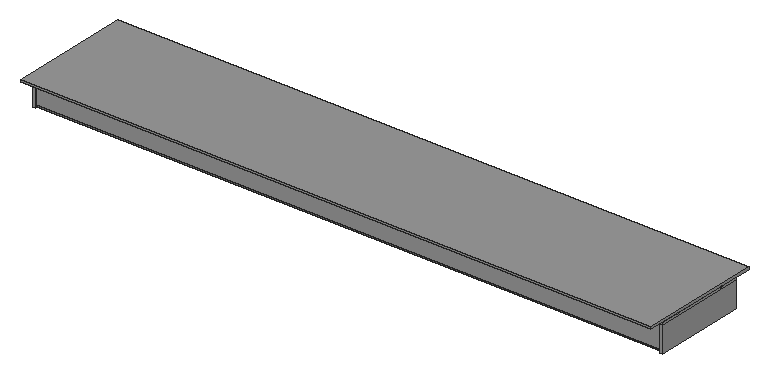
Revit family "Berica 2.2 M", category Lighting Fixtures, Revit 2020 (continued)
Definition of nested family "Light Source Berica 2.2"
  Types (4, lengths in mm): name | Photometric Web File | built-in parameter 1150142
      1.83 102.13 94.12 85.10 76.63 68.34 62.72 60.97 62.72 \r\n68.34 76.63 85.10 94.12 102.13 111.83 120.51 129.29 \r\n138.44 148.32 157.44 166.93 176.90 186.99 197.09 206.09 \r\n217.46 227.03 238.33 249.07 260.71 272.31 284.17 296.55 \r\n309.33 323.21 338.47 353.32 367.76 385.41 402.04 420.89 \r\n439.75 461.05 481.17 504.67 526.08 551.72 576.41 601.02 \r\n629.80 656.83 683.59 713.38 744.16 775.65 805.70 835.51 \r\n869.34 899.00 930.96 963.00 994.77 1024.26 1055.62 \r\n1085.04 1115.28 1142.63 1169.60 1195.89 1218.90 1244.71 \r\n1266.98 1289.05 1310.36 1329.19 1347.64 1365.43 1381.81 \r\n1398.89 1412.80 1426.54 1439.28 1451.18 1462.24 1473.16 \r\n1481.91 1489.44 1496.41 1502.71 1508.62 1513.01 1516.80 \r\n1520.10 1522.00 1523.44 1524.15 1524.79 1523.51 \r\n1523.51 1524.39 1523.99 1522.86 1521.97 1519.66 1517.27 \r\n1514.68 1510.02 1505.43 1500.13 1493.60 1486.98 1478.56 \r\n1469.81 1460.68 1450.36 1439.46 1426.89 1413.71 1399.78 \r\n1384.90 1369.28 1352.04 1334.58 1316.50 1295.42 1273.88 \r\n1252.63 1228.68 1204.39 1177.64 1152.01 1124.12 1093.96 \r\n1062.23 1033.14 1002.27 969.59 938.57 906.15 872.07 \r\n838.76 806.83 773.58 743.06 710.97 681.98 649.93 621.65 \r\n593.77 565.38 539.15 513.02 488.75 465.90 444.25 421.96 \r\n403.69 383.23 365.81 348.18 331.44 315.70 301.70 286.85 \r\n274.64 260.72 248.47 236.15 225.33 214.16 202.52 192.46 \r\n181.74 171.18 160.65 151.48 140.22 130.53 120.43 110.79 \r\n100.80 91.15 81.58 72.03 61.93 53.28 44.64 38.21 36.42 \r\n38.21 44.64 53.28 61.93 72.03 81.58 91.15 100.80 110.79 \r\n120.43 130.53 140.22 151.48 160.65 171.18 181.74 192.46 \r\n202.52 214.16 225.33 236.15 248.47 260.72 274.64 286.85 \r\n301.70 315.70 331.44 348.18 365.81 383.23 403.69 421.96 \r\n444.25 465.90 488.75 513.02 539.15 565.38 593.77 621.65 \r\n649.93 681.98 710.97 743.06 773.58 806.83 838.76 872.07 \r\n906.15 938.57 969.59 1002.27 1033.14 1062.23 1093.96 \r\n1124.12 1152.01 1177.64 1204.39 1228.68 1252.63 1273.88 \r\n1295.42 1316.50 1334.58 1352.04 1369.28 1384.90 1399.78 \r\n1413.71 1426.89 1439.46 1450.36 1460.68 1469.81 1478.56 \r\n1486.98 1493.60 1500.13 1505.43 1510.02 1514.68 1517.27 \r\n1519.66 1521.97 1522.86 1523.99 1524.39 1523.51 \r\n1523.51 1523.65 1522.45 1521.49 1520.63 1518.60 1516.48 \r\n1513.22 1509.50 1505.49 1500.59 1494.89 1487.79 1481.10 \r\n1473.12 1464.12 1454.74 1444.08 1433.64 1420.96 1408.77 \r\n1395.01 1380.79 1365.31 1348.97 1330.17 1311.42 1291.31 \r\n1270.40 1246.84 1223.22 1198.06 1171.30 1144.95 1114.68 \r\n1083.76 1053.51 1022.12 989.50 957.86 922.67 890.86 \r\n854.95 821.31 786.60 753.45 721.38 689.78 657.66 627.26 \r\n597.56 568.38 540.24 513.46 487.83 463.02 438.91 417.88 \r\n396.20 375.48 357.24 337.87 320.95 305.41 288.34 274.40 \r\n260.27 246.70 233.44 220.40 208.98 197.32 185.17 174.62 \r\n163.57 152.58 142.59 131.12 121.35 111.29 100.47 90.84 \r\n81.02 71.19 61.07 50.61 41.75 32.61 23.72 17.62 15.46 \r\n17.62 23.72 32.61 41.75 50.61 61.07 71.19 81.02 90.84 \r\n100.47 111.29 121.35 131.12 142.59 152.58 163.57 174.62 \r\n185.17 197.32 208.98 220.40 233.44 246.70 260.27 274.40 \r\n288.34 305.41 320.95 337.87 357.24 375.48 396.20 417.88 \r\n438.91 463.02 487.83 513.46 540.24 568.38 597.56 627.26 \r\n657.66 689.78 721.38 753.45 786.60 821.31 854.95 890.86 \r\n922.67 957.86 989.50 1022.12 1053.51 1083.76 1114.68 \r\n1144.95 1171.30 1198.06 1223.22 1246.84 1270.40 1291.31 \r\n1311.42 1330.17 1348.97 1365.31 1380.79 1395.01 1408.77 \r\n1420.96 1433.64 1444.08 1454.74 1464.12 1473.12 1481.10 \r\n1487.79 1494.89 1500.59 1505.49 1509.50 1513.22 1516.48 \r\n1518.60 1520.63 1521.49 1522.45 1523.65 1523.51 \r\n1523.51 1523.19 1522.77 1521.49 1519.62 1517.29 1514.87 \r\n1511.65 1508.05 1503.46 1498.34 1492.92 1486.39 1477.09 \r\n1470.39 1461.43 1451.62 1441.65 1430.34 1419.20 1405.78 \r\n1393.20 1378.66 1362.46 1346.64 1328.29 1308.82 1289.74 \r\n1266.84 1244.95 1223.30 1196.55 1171.40 1142.56 1112.74 \r\n1082.27 1052.18 1020.02 989.56 954.18 922.20 885.89 \r\n853.23 818.00 783.25 749.71 716.58 683.29 652.18 622.21 \r\n589.72 560.44 531.01 504.93 476.91 453.06 428.58 406.90 \r\n384.01 363.68 344.09 325.60 308.17 290.97 274.56 259.50 \r\n245.18 230.72 217.49 204.64 191.84 179.44 167.86 157.07 \r\n145.31 134.53 123.67 113.25 102.68 92.69 82.56 73.56 \r\n63.65 53.93 44.62 35.34 26.13 17.34 10.01 4.34 2.33 4.34 \r\n10.01 17.34 26.13 35.34 44.62 53.93 63.65 73.56 82.56 \r\n92.69 102.68 113.25 123.67 134.53 145.31 157.07 167.86 \r\n179.44 191.84 204.64 217.49 230.72 245.18 259.50 274.56 \r\n290.97 308.17 325.60 344.09 363.68 384.01 406.90 428.58 \r\n453.06 476.91 504.93 531.01 560.44 589.72 622.21 652.18 \r\n683.29 716.58 749.71 783.25 818.00 853.23 885.89 922.20 \r\n954.18 989.56 1020.02 1052.18 1082.27 1112.74 1142.56 \r\n1171.40 1196.55 1223.30 1244.95 1266.84 1289.74 1308.82 \r\n1328.29 1346.64 1362.46 1378.66 1393.20 1405.78 1419.20 \r\n1430.34 1441.65 1451.62 1461.43 1470.39 1477.09 1486.39 \r\n1492.92 1498.34 1503.46 1508.05 1511.65 1514.87 1517.29 \r\n1519.62 1521.49 1522.77 1523.19 1523.51 \r\n1523.51 1522.02 1520.95 1518.86 1516.85 1514.77 1510.93 \r\n1507.41 1503.25 1498.14 1491.85 1485.01 1477.03 1468.60 \r\n1459.22 1448.98 1439.52 1427.59 1416.28 1402.84 1389.12 \r\n1374.22 1359.74 1342.65 1325.50 1305.32 1286.76 1266.09 \r\n1242.23 1219.59 1194.54 1168.64 1140.74 1112.16 1081.33 \r\n1052.29 1017.46 988.88 954.02 921.25 886.64 851.72 818.37 \r\n784.13 749.49 716.66 684.15 651.65 622.29 589.60 562.59 \r\n532.14 504.55 477.13 451.94 426.89 405.15 382.54 361.70 \r\n341.18 321.70 304.07 286.87 270.12 254.83 240.11 225.50 \r\n212.10 198.52 186.70 173.83 162.60 150.49 139.58 128.91 \r\n118.11 108.45 98.41 88.51 79.46 70.21 61.32 53.79 44.74 \r\n36.99 28.70 20.91 13.50 6.78 2.10 0.70 2.10 6.78 13.50 \r\n20.91 28.70 36.99 44.74 53.79 61.32 70.21 79.46 88.51 \r\n98.41 108.45 118.11 128.91 139.58 150.49 162.60 173.83 \r\n186.70 198.52 212.10 225.50 240.11 254.83 270.12 286.87 \r\n304.07 321.70 341.18 361.70 382.54 405.15 426.89 451.94 \r\n477.13 504.55 532.14 562.59 589.60 622.29 651.65 684.15 \r\n716.66 749.49 784.13 818.37 851.72 886.64 921.25 954.02 \r\n988.88 1017.46 1052.29 1081.33 1112.16 1140.74 1168.64 \r\n1194.54 1219.59 1242.23 1266.09 1286.76 1305.32 1325.50 \r\n1342.65 1359.74 1374.22 1389.12 1402.84 1416.28 1427.59 \r\n1439.52 1448.98 1459.22 1468.60 1477.03 1485.01 1491.85 \r\n1498.14 1503.25 1507.41 1510.93 1514.77 1516.85 1518.86 \r\n1520.95 1522.02 1523.51 \r\n1523.51 1522.29 1520.69 1518.23 1514.78 1510.58 1506.83 \r\n1501.55 1495.98 1489.12 1481.33 1472.87 1464.09 1452.99 \r\n1443.01 1430.96 1418.76 1405.39 1389.98 1375.24 1357.72 \r\n1340.36 1322.25 1301.81 1280.72 1259.47 1237.05 1213.72 \r\n1187.25 1161.24 1138.24 1108.82 1080.26 1049.78 1018.47 \r\n988.43 955.41 923.58 891.36 857.87 824.20 790.06 756.10 \r\n725.99 692.76 661.01 629.21 599.33 569.21 541.79 513.46 \r\n485.34 459.61 433.95 411.44 387.72 365.23 344.98 325.15 \r\n305.42 287.76 268.33 252.85 236.32 221.36 206.58 192.19 \r\n179.45 165.65 152.65 139.93 128.56 117.23 107.08 96.12 \r\n85.79 75.92 67.17 58.70 51.53 45.31 39.79 34.27 28.32 \r\n22.85 17.21 11.96 6.69 2.88 0.76 0.39 0.76 2.88 6.69 \r\n11.96 17.21 22.85 28.32 34.27 39.79 45.31 51.53 58.70 \r\n67.17 75.92 85.79 96.12 107.08 117.23 128.56 139.93 \r\n152.65 165.65 179.45 192.19 206.58 221.36 236.32 252.85 \r\n268.33 287.76 305.42 325.15 344.98 365.23 387.72 411.44 \r\n433.95 459.61 485.34 513.46 541.79 569.21 599.33 629.21 \r\n661.01 692.76 725.99 756.10 790.06 824.20 857.87 891.36 \r\n923.58 955.41 988.43 1018.47 1049.78 1080.26 1108.82 \r\n1138.24 1161.24 1187.25 1213.72 1237.05 1259.47 1280.72 \r\n1301.81 1322.25 1340.36 1357.72 1375.24 1389.98 1405.39 \r\n1418.76 1430.96 1443.01 1452.99 1464.09 1472.87 1481.33 \r\n1489.12 1495.98 1501.55 1506.83 1510.58 1514.78 1518.23 \r\n1520.69 1522.29 1523.51 \r\n1523.51 1521.38 1518.93 1515.10 1510.49 1505.80 1500.47 \r\n1493.62 1486.60 1477.74 1468.10 1457.20 1445.13 1432.78 \r\n1417.17 1401.37 1384.63 1367.32 1350.36 1332.13 1312.94 \r\n1292.67 1270.94 1249.58 1227.69 1203.28 1179.57 1151.76 \r\n1126.43 1097.92 1070.07 1041.74 1010.67 978.59 949.25 \r\n916.67 883.12 851.61 818.25 786.62 753.66 720.30 690.06 \r\n658.98 627.51 597.72 567.75 539.72 510.96 484.99 457.34 \r\n431.63 405.26 380.75 357.50 336.16 315.69 294.73 275.24 \r\n255.16 235.90 218.76 202.10 186.34 171.69 157.47 143.80 \r\n129.56 116.65 105.37 93.49 81.35 70.08 59.97 51.46 44.31 \r\n38.33 32.99 28.52 25.03 21.98 19.07 16.08 13.18 10.06 \r\n7.23 4.62 2.25 0.76 0.31 0.29 0.31 0.76 2.25 4.62 7.23 \r\n10.06 13.18 16.08 19.07 21.98 25.03 28.52 32.99 38.33 \r\n44.31 51.46 59.97 70.08 81.35 93.49 105.37 116.65 129.56 \r\n143.80 157.47 171.69 186.34 202.10 218.76 235.90 255.16 \r\n275.24 294.73 315.69 336.16 357.50 380.75 405.26 431.63 \r\n457.34 484.99 510.96 539.72 567.75 597.72 627.51 658.98 \r\n690.06 720.30 753.66 786.62 818.25 851.61 883.12 916.67 \r\n949.25 978.59 1010.67 1041.74 1070.07 1097.92 1126.43 \r\n1151.76 1179.57 1203.28 1227.69 1249.58 1270.94 1292.67 \r\n1312.94 1332.13 1350.36 1367.32 1384.63 1401.37 1417.17 \r\n1432.78 1445.13 1457.20 1468.10 1477.74 1486.60 1493.62 \r\n1500.47 1505.80 1510.49 1515.10 1518.93 1521.38 1523.51 \r\n1523.51 1520.80 1517.39 1512.96 1507.04 1500.52 1493.34 \r\n1484.79 1474.66 1463.21 1449.93 1435.85 1420.08 1401.68 \r\n1383.39 1366.19 1346.64 1329.42 1308.25 1287.07 1265.51 \r\n1242.01 1218.92 1193.84 1167.41 1142.51 1115.08 1087.61 \r\n1057.60 1028.51 998.47 968.55 936.03 905.88 873.19 841.26 \r\n810.09 775.87 745.06 712.36 682.52 650.51 618.29 586.13 \r\n555.51 525.69 499.20 470.67 445.09 419.30 392.14 365.42 \r\n341.86 315.49 292.92 268.47 248.97 229.48 211.60 191.67 \r\n173.46 154.45 139.22 124.63 111.15 98.95 85.21 73.10 \r\n61.52 52.05 44.12 38.04 32.08 26.74 21.54 17.73 15.59 \r\n13.89 12.60 11.07 9.65 8.17 6.71 5.25 3.98 2.69 1.54 0.70 \r\n0.30 0.24 0.24 0.24 0.30 0.70 1.54 2.69 3.98 5.25 6.71 \r\n8.17 9.65 11.07 12.60 13.89 15.59 17.73 21.54 26.74 32.08 \r\n38.04 44.12 52.05 61.52 73.10 85.21 98.95 111.15 124.63 \r\n139.22 154.45 173.46 191.67 211.60 229.48 248.97 268.47 \r\n292.92 315.49 341.86 365.42 392.14 419.30 445.09 470.67 \r\n499.20 525.69 555.51 586.13 618.29 650.51 682.52 712.36 \r\n745.06 775.87 810.09 841.26 873.19 905.88 936.03 968.55 \r\n998.47 1028.51 1057.60 1087.61 1115.08 1142.51 1167.41 \r\n1193.84 1218.92 1242.01 1265.51 1287.07 1308.25 1329.42 \r\n1346.64 1366.19 1383.39 1401.68 1420.08 1435.85 1449.93 \r\n1463.21 1474.66 1484.79 1493.34 1500.52 1507.04 1512.96 \r\n1517.39 1520.80 1523.51 \r\n1523.51 1519.99 1516.01 1509.81 1502.83 1495.29 1485.27 \r\n1474.30 1461.75 1446.00 1429.19 1409.58 1392.67 1373.32 \r\n1353.35 1332.56 1310.65 1289.35 1265.25 1241.19 1217.03 \r\n1190.03 1164.53 1138.71 1109.37 1080.95 1052.45 1022.16 \r\n992.42 961.02 930.04 900.53 868.07 835.20 803.50 769.90 \r\n735.97 704.36 671.05 639.36 607.83 578.18 546.53 517.77 \r\n487.38 456.10 423.55 394.21 365.54 336.38 311.66 288.24 \r\n266.69 243.13 218.02 192.67 171.79 153.28 137.64 121.87 \r\n106.76 92.96 80.17 68.39 57.33 48.27 41.02 35.05 29.57 \r\n24.01 18.57 13.78 10.12 8.12 7.47 6.81 6.17 5.59 4.92 \r\n4.32 3.68 3.04 2.46 1.92 1.36 0.89 0.50 0.25 0.19 0.19 \r\n0.19 0.19 0.19 0.25 0.50 0.89 1.36 1.92 2.46 3.04 3.68 \r\n4.32 4.92 5.59 6.17 6.81 7.47 8.12 10.12 13.78 18.57 \r\n24.01 29.57 35.05 41.02 48.27 57.33 68.39 80.17 92.96 \r\n106.76 121.87 137.64 153.28 171.79 192.67 218.02 243.13 \r\n266.69 288.24 311.66 336.38 365.54 394.21 423.55 456.10 \r\n487.38 517.77 546.53 578.18 607.83 639.36 671.05 704.36 \r\n735.97 769.90 803.50 835.20 868.07 900.53 930.04 961.02 \r\n992.42 1022.16 1052.45 1080.95 1109.37 1138.71 1164.53 \r\n1190.03 1217.03 1241.19 1265.25 1289.35 1310.65 1332.56 \r\n1353.35 1373.32 1392.67 1409.58 1429.19 1446.00 1461.75 \r\n1474.30 1485.27 1495.29 1502.83 1509.81 1516.01 1519.99 \r\n1523.51 \r\n1523.51 1519.25 1513.59 1506.67 1498.77 1489.32 1476.29 \r\n1462.35 1444.60 1425.80 1406.46 1385.52 1365.88 1342.61 \r\n1322.29 1297.42 1274.21 1247.18 1222.55 1194.68 1167.43 \r\n1138.26 1111.29 1082.49 1052.24 1020.97 991.17 961.90 \r\n928.00 898.89 864.78 834.97 800.95 765.91 730.79 699.23 \r\n665.39 638.05 605.54 570.78 535.59 499.27 464.78 431.30 \r\n395.77 365.04 340.19 313.02 288.65 258.23 228.75 196.86 \r\n173.28 155.72 139.57 122.29 108.77 94.10 81.57 69.96 \r\n58.40 50.08 42.35 36.10 31.00 25.79 20.22 15.06 10.32 \r\n6.59 3.82 3.47 3.22 2.96 2.76 2.50 2.27 2.02 1.78 1.53 \r\n1.29 1.03 0.82 0.60 0.41 0.25 0.17 0.15 0.15 0.15 0.15 \r\n0.15 0.15 0.15 0.17 0.25 0.41 0.60 0.82 1.03 1.29 1.53 \r\n1.78 2.02 2.27 2.50 2.76 2.96 3.22 3.47 3.82 6.59 10.32 \r\n15.06 20.22 25.79 31.00 36.10 42.35 50.08 58.40 69.96 \r\n81.57 94.10 108.77 122.29 139.57 155.72 173.28 196.86 \r\n228.75 258.23 288.65 313.02 340.19 365.04 395.77 431.30 \r\n464.78 499.27 535.59 570.78 605.54 638.05 665.39 699.23 \r\n730.79 765.91 800.95 834.97 864.78 898.89 928.00 961.90 \r\n991.17 1020.97 1052.24 1082.49 1111.29 1138.26 1167.43 \r\n1194.68 1222.55 1247.18 1274.21 1297.42 1322.29 1342.61 \r\n1365.88 1385.52 1406.46 1425.80 1444.60 1462.35 1476.29 \r\n1489.32 1498.77 1506.67 1513.59 1519.25 1523.51 \r\n1523.51 1519.23 1513.54 1504.45 1494.51 1481.77 1466.73 \r\n1448.32 1428.81 1406.33 1385.63 1365.22 1340.37 1316.45 \r\n1290.91 1263.89 1237.15 1209.75 1178.53 1152.91 1121.98 \r\n1092.68 1060.60 1030.14 999.87 969.65 935.68 906.65 \r\n871.74 838.24 805.63 769.03 739.28 705.47 674.54 637.90 \r\n598.29 558.08 522.70 481.53 445.16 407.96 377.49 349.12 \r\n318.49 286.87 249.88 213.64 185.36 165.50 146.64 132.10 \r\n114.28 101.23 87.63 76.33 65.57 56.71 48.50 42.10 36.05 \r\n31.11 25.99 20.52 15.98 10.81 6.47 2.48 1.50 1.34 1.23 \r\n1.15 1.08 0.99 0.91 0.82 0.74 0.64 0.55 0.47 0.38 0.31 \r\n0.23 0.18 0.13 0.12 0.12 0.12 0.12 0.12 0.12 0.12 0.12 \r\n0.12 0.12 0.12 0.13 0.18 0.23 0.31 0.38 0.47 0.55 0.64 \r\n0.74 0.82 0.91 0.99 1.08 1.15 1.23 1.34 1.50 2.48 6.47 \r\n10.81 15.98 20.52 25.99 31.11 36.05 42.10 48.50 56.71 \r\n65.57 76.33 87.63 101.23 114.28 132.10 146.64 165.50 \r\n185.36 213.64 249.88 286.87 318.49 349.12 377.49 407.96 \r\n445.16 481.53 522.70 558.08 598.29 637.90 674.54 705.47 \r\n739.28 769.03 805.63 838.24 871.74 906.65 935.68 969.65 \r\n999.87 1030.14 1060.60 1092.68 1121.98 1152.91 1178.53 \r\n1209.75 1237.15 1263.89 1290.91 1316.45 1340.37 1365.22 \r\n1385.63 1406.33 1428.81 1448.32 1466.73 1481.77 1494.51 \r\n1504.45 1513.54 1519.23 1523.51 \r\n1523.51 1518.50 1511.27 1501.34 1490.15 1476.56 1455.93 \r\n1434.49 1412.79 1389.46 1366.65 1340.41 1316.21 1287.08 \r\n1258.47 1231.21 1202.28 1171.31 1141.66 1109.73 1078.58 \r\n1046.95 1015.48 985.99 952.96 919.08 885.73 851.42 816.19 \r\n782.68 750.40 719.66 682.90 641.99 596.35 557.91 514.24 \r\n469.50 431.67 399.40 368.91 333.89 296.42 254.79 210.92 \r\n183.12 163.12 145.54 129.58 114.37 98.79 87.47 76.12 \r\n66.11 57.01 49.74 43.42 37.90 33.19 28.49 23.43 18.72 \r\n13.61 8.94 4.61 0.72 0.40 0.33 0.28 0.26 0.25 0.23 0.21 \r\n0.20 0.18 0.17 0.15 0.13 0.12 0.11 0.11 0.10 0.10 0.10 \r\n0.10 0.10 0.10 0.10 0.10 0.10 0.10 0.10 0.10 0.10 0.10 \r\n0.10 0.10 0.10 0.10 0.10 0.11 0.11 0.12 0.13 0.15 0.17 \r\n0.18 0.20 0.21 0.23 0.25 0.26 0.28 0.33 0.40 0.72 4.61 \r\n8.94 13.61 18.72 23.43 28.49 33.19 37.90 43.42 49.74 \r\n57.01 66.11 76.12 87.47 98.79 114.37 129.58 145.54 163.12 \r\n183.12 210.92 254.79 296.42 333.89 368.91 399.40 431.67 \r\n469.50 514.24 557.91 596.35 641.99 682.90 719.66 750.40 \r\n782.68 816.19 851.42 885.73 919.08 952.96 985.99 1015.48 \r\n1046.95 1078.58 1109.73 1141.66 1171.31 1202.28 1231.21 \r\n1258.47 1287.08 1316.21 1340.41 1366.65 1389.46 1412.79 \r\n1434.49 1455.93 1476.56 1490.15 1501.34 1511.27 1518.50 \r\n1523.51 \r\n1523.51 1518.34 1509.52 1498.67 1484.98 1466.87 1444.60 \r\n1422.01 1397.68 1374.25 1346.90 1321.84 1293.16 1263.12 \r\n1230.37 1199.10 1168.88 1136.67 1106.26 1073.54 1041.10 \r\n1007.88 975.91 941.89 909.32 873.26 838.17 804.48 771.79 \r\n737.81 698.28 654.72 610.23 560.80 514.48 470.30 432.56 \r\n401.98 364.41 324.20 280.79 233.13 195.28 172.85 152.03 \r\n134.73 118.07 103.48 91.26 80.30 70.76 61.26 53.40 47.09 \r\n41.36 36.41 32.35 27.77 22.96 18.08 13.36 9.07 4.49 0.36 \r\n0.17 0.11 0.09 0.08 0.08 0.08 0.08 0.08 0.08 0.08 0.08 \r\n0.08 0.08 0.08 0.08 0.08 0.08 0.08 0.08 0.08 0.08 0.08 \r\n0.08 0.08 0.08 0.08 0.08 0.08 0.08 0.08 0.08 0.08 0.08 \r\n0.08 0.08 0.08 0.08 0.08 0.08 0.08 0.08 0.08 0.08 0.08 \r\n0.08 0.08 0.08 0.08 0.08 0.08 0.09 0.11 0.17 0.36 4.49 \r\n9.07 13.36 18.08 22.96 27.77 32.35 36.41 41.36 47.09 \r\n53.40 61.26 70.76 80.30 91.26
